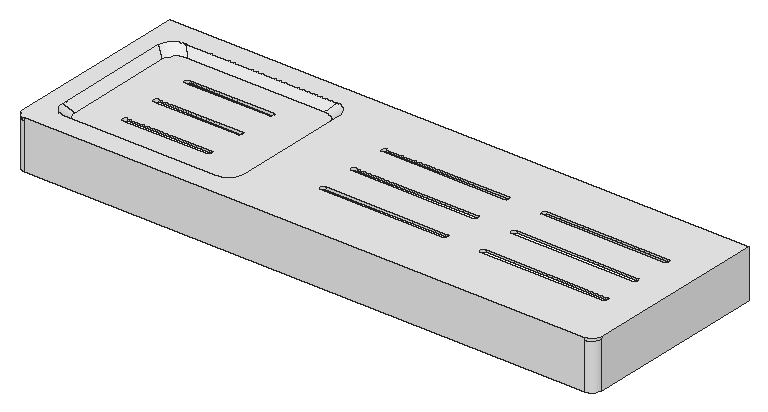
Revit family "Spec Equip_Shelf_Shower_Argent_Mondrian Neu_800mm", category Specialty Equipment, Revit 2016
Family settings
  Part Type = Normal
  Round Connector Dimension = Use Diameter
  OmniClass Number = 23.40.20.21
  OmniClass Title = Toilet and Bath Specialties
  Work Plane-Based = No
  Always vertical = Yes
  Cut with Voids When Loaded = Yes
  Shared = No
  Room Calculation Point = No
Parameters (values of type "Chrome (AR93611D)")
  Waste Connection = no
  WFU = 0
  Vent Connection = no
  Uniclass2015Version = "Products v1.9"
  Uniclass2015Title = "Bathroom shelves"
  Uniclass2015Code = "Pr_40_30_78_06"
  URL = "https://www.argentaust.com.au/"
  Type Comments = "Chrome Finish"
  ModifiedIssue_ANZRS = 20191125
  Model = "AR93611D"
  Manufacturer_URL__Product Specific = "https://www.argentaust.com.au/argent-accessories-shelves-baskets-mondrian-neu-shower-shelf?item=9979"
  Manufacturer_Spec Code = Model  # "AR93611D"
  Manufacturer_Overall Width = 300 mm  # constant formula
  Manufacturer_Overall Height = 25 mm  # constant formula
  Manufacturer_Overall Depth = 100 mm  # constant formula
  Manufacturer_Height From FFL [instance] = 900 mm
  Manufacturer = "Argent"  # constant formula
  Keynote = ""
  IfcExportType = "SHELF"
  IfcExportAs = "IfcSanitaryTerminalType"
  HWFU = 0
  HW Connection = no
  Description = "Mondrian Neu 300 Shower Shelf"
  CreatedBy_ANZRS = "IGS BIM Solutions"  # constant formula
  CreatedByURL_ANZRS = "https://igsgroup.com.au"
  Cost = 0
  CWFU = 0
  CW Connection = no
  Body Material = z_Argent_Chrome
  Assembly Code = ""
Reference planes
  plane 1 "Ref. Level": z = 0
  plane 2 "Center (Left/Right)": x = -4.48
  plane 3 "Left": x = -154.48
  plane 4 "Right": x = 145.52
  plane 5 "Center (Front/Back)": y = -400.5
  plane 6 "Back": y = -350.5
  plane 7 "Bottom": z = 900
  plane 8 "Front": y = -450.5
  plane 9 "Top": z = 925
  plane 10 "Center elevation": z = 912.5
Forms (mm)
  Extrusion 1, solid, material "z_Argent_Chrome" <- "Body Material"
    sketch origin (0, 0, 925) x (0, 1, 0) y (-1, 0, 0)
      loop
        line (-350.5, 154.48) -> (-445.5, 154.48)
        arc (-445.5, 154.48) -> (-449.036, 153.016) -> (-450.5, 149.48) r 5
        line (-450.5, 149.48) -> (-450.5, -140.52)
        arc (-450.5, -140.52) -> (-449.036, -144.056) -> (-445.5, -145.52) r 5
        line (-445.5, -145.52) -> (-350.5, -145.52) -> (-350.5, 154.48)
      loop
        line (-351.5, 153.48) -> (-445.5, 153.48)
        arc (-445.5, 153.48) -> (-448.328, 152.308) -> (-449.5, 149.48) r 4
        line (-449.5, 149.48) -> (-449.5, -140.52)
        arc (-449.5, -140.52) -> (-448.328, -143.348) -> (-445.5, -144.52) r 4
        line (-445.5, -144.52) -> (-351.5, -144.52) -> (-351.5, 153.48)
    from 0 to -25
  Extrusion 2, solid, material "z_Argent_Chrome" <- "Body Material"
    sketch origin (0, 0, 925) x (0, 1, 0) y (-1, 0, 0)
      loop
        line (-350.5, 154.48) -> (-445.5, 154.48)
        arc (-445.5, 154.48) -> (-449.036, 153.016) -> (-450.5, 149.48) r 5
        line (-450.5, 149.48) -> (-450.5, -140.52)
        arc (-450.5, -140.52) -> (-449.036, -144.056) -> (-445.5, -145.52) r 5
        line (-445.5, -145.52) -> (-350.5, -145.52) -> (-350.5, 154.48)
      loop
        line (-431.5, 51.123) -> (-369.5, 51.123)
        arc (-369.5, 51.123) -> (-363.843, 53.467) -> (-361.5, 59.123) r 8
        line (-361.5, 59.123) -> (-361.5, 137.123)
        arc (-361.5, 137.123) -> (-363.843, 142.78) -> (-369.5, 145.123) r 8
        line (-369.5, 145.123) -> (-431.5, 145.123)
        arc (-431.5, 145.123) -> (-437.157, 142.78) -> (-439.5, 137.123) r 8
        line (-439.5, 137.123) -> (-439.5, 59.123)
        arc (-439.5, 59.123) -> (-437.157, 53.467) -> (-431.5, 51.123) r 8
      loop
        arc (-379, -64.07) -> (-380.5, -62.57) -> (-382, -64.07) r 1.5
        line (-382, -64.07) -> (-382, -127.065)
        arc (-382, -127.065) -> (-380.5, -128.565) -> (-379, -127.065) r 1.5
        line (-379, -127.065) -> (-379, -64.07)
      loop
        arc (-399, -64.07) -> (-400.5, -62.57) -> (-402, -64.07) r 1.5
        line (-402, -64.07) -> (-402, -127.065)
        arc (-402, -127.065) -> (-400.5, -128.565) -> (-399, -127.065) r 1.5
        line (-399, -127.065) -> (-399, -64.07)
      loop
        arc (-419, -64.07) -> (-420.5, -62.57) -> (-422, -64.07) r 1.5
        line (-422, -64.07) -> (-422, -127.065)
        arc (-422, -127.065) -> (-420.5, -128.565) -> (-419, -127.065) r 1.5
        line (-419, -127.065) -> (-419, -64.07)
      loop
        arc (-379, 18.835) -> (-380.5, 20.335) -> (-382, 18.835) r 1.5
        line (-382, 18.835) -> (-382, -44.16)
        arc (-382, -44.16) -> (-380.5, -45.66) -> (-379, -44.16) r 1.5
        line (-379, -44.16) -> (-379, 18.835)
      loop
        arc (-399, 18.835) -> (-400.5, 20.335) -> (-402, 18.835) r 1.5
        line (-402, 18.835) -> (-402, -44.16)
        arc (-402, -44.16) -> (-400.5, -45.66) -> (-399, -44.16) r 1.5
        line (-399, -44.16) -> (-399, 18.835)
      loop
        arc (-419, 18.835) -> (-420.5, 20.335) -> (-422, 18.835) r 1.5
        line (-422, 18.835) -> (-422, -44.16)
        arc (-422, -44.16) -> (-420.5, -45.66) -> (-419, -44.16) r 1.5
        line (-419, -44.16) -> (-419, 18.835)
    from 0 to -1
  Extrusion 3, solid, material "z_Argent_Chrome" <- "Body Material"
    sketch origin (0, 0, 925) x (0, 1, 0) y (-1, 0, 0)
      loop
        arc (-361, 137.538) -> (-363.368, 143.255) -> (-369.085, 145.623) r 8.085
        line (-369.085, 145.623) -> (-431.915, 145.623)
        arc (-431.915, 145.623) -> (-437.632, 143.255) -> (-440, 137.538) r 8.085
        line (-440, 137.538) -> (-440, 58.708)
        arc (-440, 58.708) -> (-437.632, 52.991) -> (-431.915, 50.623) r 8.085
        line (-431.915, 50.623) -> (-369.085, 50.623)
        arc (-369.085, 50.623) -> (-363.368, 52.991) -> (-361, 58.708) r 8.085
        line (-361, 58.708) -> (-361, 137.538)
      loop
        arc (-379, 121.085) -> (-380.5, 122.585) -> (-382, 121.085) r 1.5
        line (-382, 121.085) -> (-382, 78.084)
        arc (-382, 78.084) -> (-380.5, 76.584) -> (-379, 78.084) r 1.5
        line (-379, 78.084) -> (-379, 121.085)
      loop
        arc (-399, 121.085) -> (-400.5, 122.585) -> (-402, 121.085) r 1.5
        line (-402, 121.085) -> (-402, 78.084)
        arc (-402, 78.084) -> (-400.5, 76.584) -> (-399, 78.084) r 1.5
        line (-399, 78.084) -> (-399, 121.085)
      loop
        arc (-419, 121.085) -> (-420.5, 122.585) -> (-422, 121.085) r 1.5
        line (-422, 121.085) -> (-422, 78.084)
        arc (-422, 78.084) -> (-420.5, 76.584) -> (-419, 78.084) r 1.5
        line (-419, 78.084) -> (-419, 121.085)
    from 0 to -5
  Blend 4, void
    base sketch origin (0, 0, 925) x (0, 1, 0) y (-1, 0, 0)
      loop
        arc (-361.5, 137.123) -> (-363.843, 142.78) -> (-369.5, 145.123) r 8
        line (-369.5, 145.123) -> (-431.5, 145.123)
        arc (-431.5, 145.123) -> (-437.157, 142.78) -> (-439.5, 137.123) r 8
        line (-439.5, 137.123) -> (-439.5, 59.123)
        arc (-439.5, 59.123) -> (-437.157, 53.467) -> (-431.5, 51.123) r 8
        line (-431.5, 51.123) -> (-369.5, 51.123)
        arc (-369.5, 51.123) -> (-363.843, 53.467) -> (-361.5, 59.123) r 8
        line (-361.5, 59.123) -> (-361.5, 137.123)
    top sketch origin (0, 0, 925) x (0, 1, 0) y (-1, 0, 0)
      loop
        line (-365, 62.443) -> (-365, 133.804)
        arc (-365, 133.804) -> (-367.144, 138.98) -> (-372.319, 141.123) r 7.319
        line (-372.319, 141.123) -> (-428.681, 141.123)
        arc (-428.681, 141.123) -> (-433.856, 138.98) -> (-436, 133.804) r 7.319
        line (-436, 133.804) -> (-436, 62.443)
        arc (-436, 62.443) -> (-433.856, 57.267) -> (-428.681, 55.123) r 7.319
        line (-428.681, 55.123) -> (-372.319, 55.123)
        arc (-372.319, 55.123) -> (-367.144, 57.267) -> (-365, 62.443) r 7.319
    from 0 to -4
Cuts and joins
  Blend 4 cuts Extrusion 3
  joined: Extrusion 1, Extrusion 2, Extrusion 3
Lines and regions (mm)
  Masking region 1
    outline origin (0, 0, 925) x (0, 1, 0) y (-1, 0, 0)
      loop
        line (-350.5, 154.48) -> (-445.5, 154.48)
        arc (-445.5, 154.48) -> (-449.036, 153.016) -> (-450.5, 149.48) r 5
        line (-450.5, 149.48) -> (-450.5, -140.52)
        arc (-450.5, -140.52) -> (-449.036, -144.056) -> (-445.5, -145.52) r 5
        line (-445.5, -145.52) -> (-350.5, -145.52) -> (-350.5, 154.48)
  Masking region 2
    outline origin (0, -450.5, 0) x (0, 0, 1) y (-1, 0, 0)
      loop
        line (925, 154.48) -> (900, 154.48) -> (900, -145.52) -> (925, -145.52) -> (925, 154.48)
  Masking region 3
    outline origin (145.52, 0, 0) x (0, 1, 0) y (0, 0, 1)
      loop
        line (-350.5, 900) -> (-350.5, 925) -> (-450.5, 925) -> (-450.5, 900) -> (-350.5, 900)
  symbolic lines, style "Bathroom Fixtures", detail levels medium+fine
    curve 1: line (-137.123, -361.5, 925) -> (-59.123, -361.5, 925)
    curve 2: arc (-59.123, -361.5, 925) -> (-53.467, -363.843, 925) -> (-51.123, -369.5, 925) r 8
    curve 3: line (-51.123, -369.5, 925) -> (-51.123, -431.5, 925)
    curve 4: arc (-51.123, -431.5, 925) -> (-53.467, -437.157, 925) -> (-59.123, -439.5, 925) r 8
    curve 5: line (-59.123, -439.5, 925) -> (-137.123, -439.5, 925)
    curve 6: arc (-137.123, -439.5, 925) -> (-142.78, -437.157, 925) -> (-145.123, -431.5, 925) r 8
    curve 7: line (-145.123, -431.5, 925) -> (-145.123, -369.5, 925)
    curve 8: arc (-145.123, -369.5, 925) -> (-142.78, -363.843, 925) -> (-137.123, -361.5, 925) r 8
  symbolic lines, style "Bathroom Fixtures", detail levels fine
    curve 9: line (-62.443, -365, 925) -> (-133.804, -365, 925)
    curve 10: arc (-133.804, -365, 925) -> (-138.98, -367.144, 925) -> (-141.123, -372.319, 925) r 7.319
    curve 11: line (-141.123, -372.319, 925) -> (-141.123, -428.681, 925)
    curve 12: arc (-141.123, -428.681, 925) -> (-138.98, -433.856, 925) -> (-133.804, -436, 925) r 7.319
    curve 13: line (-133.804, -436, 925) -> (-62.443, -436, 925)
    curve 14: arc (-62.443, -436, 925) -> (-57.267, -433.856, 925) -> (-55.123, -428.681, 925) r 7.319
    curve 15: line (-55.123, -428.681, 925) -> (-55.123, -372.319, 925)
    curve 16: arc (-55.123, -372.319, 925) -> (-57.267, -367.144, 925) -> (-62.443, -365, 925) r 7.319
    curve 17: line (-121.085, -379, 925) -> (-78.084, -379, 925)
    curve 18: arc (-78.084, -379, 925) -> (-76.584, -380.5, 925) -> (-78.084, -382, 925) r 1.5
    curve 19: line (-78.084, -382, 925) -> (-121.085, -382, 925)
    curve 20: arc (-121.085, -382, 925) -> (-122.585, -380.5, 925) -> (-121.085, -379, 925) r 1.5
    curve 21: line (-78.084, -402, 925) -> (-121.085, -402, 925)
    curve 22: arc (-121.085, -402, 925) -> (-122.585, -400.5, 925) -> (-121.085, -399, 925) r 1.5
    curve 23: line (-121.085, -399, 925) -> (-78.084, -399, 925)
    curve 24: arc (-78.084, -399, 925) -> (-76.584, -400.5, 925) -> (-78.084, -402, 925) r 1.5
    curve 25: line (-78.084, -422, 925) -> (-121.085, -422, 925)
    curve 26: arc (-121.085, -422, 925) -> (-122.585, -420.5, 925) -> (-121.085, -419, 925) r 1.5
    curve 27: line (-121.085, -419, 925) -> (-78.084, -419, 925)
    curve 28: arc (-78.084, -419, 925) -> (-76.584, -420.5, 925) -> (-78.084, -422, 925) r 1.5
    curve 29: line (-18.835, -379, 925) -> (44.16, -379, 925)
    curve 30: arc (44.16, -379, 925) -> (45.66, -380.5, 925) -> (44.16, -382, 925) r 1.5
    curve 31: line (44.16, -382, 925) -> (-18.835, -382, 925)
    curve 32: arc (-18.835, -382, 925) -> (-20.335, -380.5, 925) -> (-18.835, -379, 925) r 1.5
    curve 33: line (-18.835, -399, 925) -> (44.16, -399, 925)
    curve 34: arc (44.16, -399, 925) -> (45.66, -400.5, 925) -> (44.16, -402, 925) r 1.5
    curve 35: line (44.16, -402, 925) -> (-18.835, -402, 925)
    curve 36: arc (-18.835, -402, 925) -> (-20.335, -400.5, 925) -> (-18.835, -399, 925) r 1.5
    curve 37: line (-18.835, -419, 925) -> (44.16, -419, 925)
    curve 38: arc (44.16, -419, 925) -> (45.66, -420.5, 925) -> (44.16, -422, 925) r 1.5
    curve 39: line (44.16, -422, 925) -> (-18.835, -422, 925)
    curve 40: arc (-18.835, -422, 925) -> (-20.335, -420.5, 925) -> (-18.835, -419, 925) r 1.5
    curve 41: line (64.07, -379, 925) -> (127.065, -379, 925)
    curve 42: arc (127.065, -379, 925) -> (128.565, -380.5, 925) -> (127.065, -382, 925) r 1.5
    curve 43: line (127.065, -382, 925) -> (64.07, -382, 925)
    curve 44: arc (64.07, -382, 925) -> (62.57, -380.5, 925) -> (64.07, -379, 925) r 1.5
    curve 45: line (64.07, -399, 925) -> (127.065, -399, 925)
    curve 46: arc (127.065, -399, 925) -> (128.565, -400.5, 925) -> (127.065, -402, 925) r 1.5
    curve 47: line (127.065, -402, 925) -> (64.07, -402, 925)
    curve 48: arc (64.07, -402, 925) -> (62.57, -400.5, 925) -> (64.07, -399, 925) r 1.5
    curve 49: line (127.065, -422, 925) -> (64.07, -422, 925)
    curve 50: arc (64.07, -422, 925) -> (62.57, -420.5, 925) -> (64.07, -419, 925) r 1.5
    curve 51: line (64.07, -419, 925) -> (127.065, -419, 925)
    curve 52: arc (127.065, -419, 925) -> (128.565, -420.5, 925) -> (127.065, -422, 925) r 1.5
Text (mm)
  text "Disclaimer:\n\nDue to ongoing product development and manufacturing evolution, product details are subject to change without notice. Please refer to product technical data sheets on the manufacturer’s website for the most current product information. Please allow a +/- 5mm manufacturing tolerance for dimensions and set-outs shown in product literature." at (218.195, -321.745, 0), in view "Ref. Level_Instruction"
Dimensions and locks
  "Manufacturer_Overall Height": plane 9 "Top" to plane 7 "Bottom"
  equal spacing: plane 3 "Left", plane 2 "Center (Left/Right)", plane 4 "Right"
  "Manufacturer_Overall Width": plane 3 "Left" to plane 4 "Right"
  "Manufacturer_Overall Depth": plane 8 "Front" to plane 6 "Back"
  equal spacing: plane 8 "Front", plane 5 "Center (Front/Back)", plane 6 "Back"
  equal spacing: plane 9 "Top", plane 10 "Center elevation", plane 7 "Bottom"
  "Manufacturer_Height From FFL": plane 7 "Bottom" to plane 1 "Ref. Level"
  aligned and locked: plane 6 "Back" to Extrusion 1 sketch curve
  aligned and locked: Extrusion 1 sketch curve to plane 3 "Left"
  aligned and locked: plane 8 "Front" to Extrusion 1 sketch curve
  aligned and locked: plane 4 "Right" to Extrusion 1 sketch curve
  aligned and locked: plane 7 "Bottom" to Extrusion 1
  aligned and locked: Extrusion 2 sketch curve to Extrusion 1  (x2)
  aligned and locked: plane 6 "Back" to Extrusion 2 sketch curve
  aligned and locked: plane 4 "Right" to Extrusion 2 sketch curve
Automatic sketch dimensions
  Extrusion 1 sketch curve to Extrusion 1 sketch curve = 0 mm  (x4)
  Extrusion 1 sketch curve to Extrusion 1 sketch curve = 4 mm
  Extrusion 1 sketch curve to plane 8 "Front" = 5 mm
  Extrusion 1 sketch curve to plane 6 "Back" = 1 mm
  Extrusion 1 sketch curve to plane 4 "Right" = 1 mm
  Blend 4 sketch curve to plane 8 "Front" = 11 mm
  Blend 4 sketch curve to Blend 4 sketch curve = 8 mm  (x3)
  Blend 4 sketch curve to plane 6 "Back" = 19 mm  (x2)
  Blend 4 sketch curve to plane 2 "Center (Left/Right)" = 46.643 mm
  plane 3 "Left" to Blend 4 sketch curve = 17.357 mm
  Blend 4 sketch curve to Blend 4 sketch curve = 7.319 mm  (x3)
  Blend 4 sketch curve to plane 6 "Back" = 21.819 mm  (x2)
  Blend 4 sketch curve to plane 2 "Center (Left/Right)" = 50.643 mm
  plane 3 "Left" to Blend 4 sketch curve = 20.676 mm
  Blend 4 sketch curve to plane 8 "Front" = 21.819 mm
  Extrusion 2 sketch curve to plane 4 "Right" = 5 mm
  Extrusion 2 sketch curve to plane 8 "Front" = 11 mm
  Extrusion 2 sketch curve to Extrusion 2 sketch curve = 8 mm  (x3)
  Extrusion 2 sketch curve to plane 5 "Center (Front/Back)" = 21.5 mm  (x2)
  Extrusion 2 sketch curve to Extrusion 2 sketch curve = 1.5 mm  (x4)
  Extrusion 2 sketch curve to plane 5 "Center (Front/Back)" = 1.5 mm  (x2)
  Extrusion 2 sketch curve to plane 5 "Center (Front/Back)" = 0 mm  (x2)
  Extrusion 2 sketch curve to Extrusion 2 sketch curve = 17 mm  (x2)
  Extrusion 2 sketch curve to plane 6 "Back" = 19 mm  (x2)
  Extrusion 2 sketch curve to plane 4 "Right" = 18.455 mm  (x2)
  Extrusion 2 sketch curve to Extrusion 2 sketch curve = 0 mm  (x4)
  Extrusion 2 sketch curve to Extrusion 2 sketch curve = 62.995 mm
  Extrusion 2 sketch curve to Extrusion 2 sketch curve = 19.91 mm  (x2)
  Extrusion 2 sketch curve to plane 2 "Center (Left/Right)" = 14.355 mm  (x3)
  Extrusion 2 sketch curve to Extrusion 2 sketch curve = 32.288 mm
  Extrusion 2 sketch curve to Extrusion 2 sketch curve = 12.357 mm
  Extrusion 3 sketch curve to plane 8 "Front" = 10.5 mm
  Extrusion 3 sketch curve to Extrusion 3 sketch curve = 8.085 mm  (x3)
  Extrusion 3 sketch curve to Extrusion 3 sketch curve = 9.915 mm
  Extrusion 3 sketch curve to Extrusion 3 sketch curve = 1.5 mm  (x2)
  Extrusion 3 sketch curve to plane 5 "Center (Front/Back)" = 1.5 mm
  Extrusion 3 sketch curve to plane 5 "Center (Front/Back)" = 0 mm
  Extrusion 3 sketch curve to Extrusion 3 sketch curve = 17 mm
  Extrusion 3 sketch curve to plane 6 "Back" = 18.585 mm  (x2)
  Extrusion 3 sketch curve to plane 2 "Center (Left/Right)" = 46.143 mm
  Extrusion 3 sketch curve to Extrusion 3 sketch curve = 19.375 mm
  Extrusion 3 sketch curve to Extrusion 3 sketch curve = 0 mm  (x4)
  plane 3 "Left" to Extrusion 3 sketch curve = 33.395 mm
  plane 3 "Left" to Extrusion 3 sketch curve = 16.942 mm
  plane 8 "Front" to Masking region 1 sketch curve = 0 mm
  Masking region 1 sketch curve to plane 3 "Left" = 0 mm
  Masking region 1 sketch curve to plane 4 "Right" = 0 mm
  Masking region 1 sketch curve to plane 6 "Back" = 0 mm
  Masking region 1 sketch curve to plane 4 "Right" = 5 mm
  Masking region 1 sketch curve to plane 8 "Front" = 5 mm
  curve 5 to plane 8 "Front" = 11 mm
  curve 5 to curve 6 = 8 mm
  curve 4 to curve 3 = 8 mm
  curve 2 to plane 6 "Back" = 19 mm
  curve 8 to plane 6 "Back" = 19 mm
  curve 8 to curve 1 = 8 mm
  curve 3 to plane 2 "Center (Left/Right)" = 46.643 mm
  plane 3 "Left" to curve 1 = 17.357 mm
  curve 5 to curve 13 = 3.5 mm
  curve 6 to curve 11 = 2.819 mm
  curve 4 to curve 15 = 2.819 mm
  curve 15 to curve 2 = 2.819 mm
  curve 10 to curve 8 = 2.819 mm
  curve 9 to curve 8 = 3.5 mm
  curve 15 to curve 2 = 4 mm
  curve 13 to curve 5 = 3.319 mm
  curve 19 to curve 10 = 9.681 mm
  curve 19 to curve 18 = 1.5 mm
  curve 16 to curve 17 = 15.641 mm
  curve 19 to curve 10 = 12.719 mm
  curve 24 to plane 5 "Center (Front/Back)" = 0 mm
  curve 21 to plane 5 "Center (Front/Back)" = 1.5 mm
  curve 21 to curve 18 = 0 mm
  curve 23 to curve 19 = 0 mm
  curve 12 to curve 25 = 6.681 mm
  curve 25 to curve 28 = 1.5 mm
  curve 14 to curve 25 = 15.641 mm
  curve 27 to curve 12 = 12.719 mm
  plane 5 "Center (Front/Back)" to curve 31 = 18.5 mm
  curve 31 to curve 32 = 1.5 mm
  curve 32 to plane 2 "Center (Left/Right)" = 14.355 mm
  plane 2 "Center (Left/Right)" to curve 31 = 48.64 mm
  curve 34 to plane 5 "Center (Front/Back)" = 0 mm
  curve 35 to plane 5 "Center (Front/Back)" = 1.5 mm
  curve 33 to curve 31 = 0 mm
  curve 36 to plane 2 "Center (Left/Right)" = 14.355 mm
  curve 39 to curve 36 = 20 mm
  curve 39 to curve 40 = 1.5 mm
  curve 37 to curve 35 = 0 mm
  curve 40 to plane 2 "Center (Left/Right)" = 14.355 mm
  plane 5 "Center (Front/Back)" to curve 43 = 18.5 mm
  curve 42 to curve 42 = 1.5 mm
  curve 44 to curve 30 = 19.91 mm
  curve 43 to plane 4 "Right" = 18.455 mm
  curve 48 to plane 5 "Center (Front/Back)" = 0 mm
  curve 47 to plane 5 "Center (Front/Back)" = 1.5 mm
  curve 46 to plane 4 "Right" = 18.455 mm
  curve 45 to curve 44 = 0 mm
  curve 49 to curve 47 = 20 mm
  curve 49 to curve 50 = 1.5 mm
  curve 49 to plane 4 "Right" = 18.455 mm
  curve 51 to curve 48 = 0 mm
  Masking region 2 sketch curve to plane 3 "Left" = 0 mm
  Masking region 2 sketch curve to plane 7 "Bottom" = 0 mm
  Masking region 2 sketch curve to plane 9 "Top" = 0 mm
  Masking region 2 sketch curve to plane 4 "Right" = 0 mm
  plane 7 "Bottom" to Masking region 3 sketch curve = 0 mm
  Masking region 3 sketch curve to plane 8 "Front" = 0 mm
  Masking region 3 sketch curve to plane 6 "Back" = 0 mm
  plane 9 "Top" to Masking region 3 sketch curve = 0 mm
